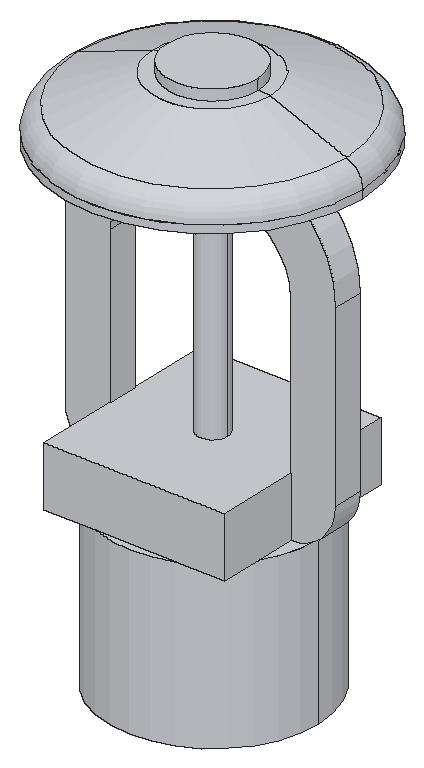
Revit family
Parameters (values of type "RASCO F1FR56 UPRIGHT")
  URL = ""
  Temperature Rating = 175 °F
  Response = 1
  RASCO SIN # = "RA1425"
  RASCO Part # = "F1FR56U5B"
  Pressure Rating = "175 PSI"
  Pressure Class = (empty or 0)
  Orifice Size = 1/2"
  Orifice = (empty or 0)
  Model = "F1FR56"
  Manufacturer = "RASCO"
  K-Factor = 5.6
  Description = "Brz. Finish"
  Coverage = (empty or 0)
Reference planes (in)
  plane 1 "Center (Front/Back)": y = 0
  plane 2: z = 0
  plane 3 "Center (Left/Right)": x = 0
Nested families (in)
  nested 1: "F1FR56U5B" at (0.00566, 0.192, 0), type "RASCO F1FR56 UPRIGHT"
Connectors (in)
  piping at (0.00566, 0.192, 0)
    settings: on nested 1, index 1, connector radius 115/256", flow factor 0, pipe flow 0 GPM, pressure drop 0.00 psi, fitting loss kfactor 0, connector angle 0.00°, fixture units 0, flow configuration 0, flow direction 0, fitting loss method 0, system type 7, connector reference index -1, connector utility 0, adjustable connector no, is connector primary yes, fitting loss table "", connector description ""
Definition of nested family "F1FR56U5B"
  Parameters (values of type "RASCO F1FR56 UPRIGHT")
    Type Comments = ""
    Temperature Rating = 0 °F
    Response = (empty or 0)
    Pressure Rating = "0"
    Pressure Class = (empty or 0)
    Orifice Size = 0"
    Orifice = (empty or 0)
    Model = ""
    Manufacturer = ""
    K-Factor = 0
    Description = ""
    Coverage = (empty or 0)
    Assembly Code = ""
  Reference planes (in)
    plane 1 "Center (Front/Back)": y = 0
    plane 2: z = 0
    plane 3 "ref.2": z = 0.6875
    plane 4 "ref.3": z = 0.9375
    plane 5: x = -0.38065
    plane 6: x = 0.36935
    plane 7 "ref. side 1": y = 0.06402
    plane 8 "ref. side 2": y = -0.06098
    plane 9 "ref.4": z = 1.875
    plane 10 "ref.5": z = 2.3125
    plane 11 "ref.6": z = 2.4375
  Forms (in)
    Extrusion 1, solid
      sketch origin (0, 0, 0) x (1, 0, 0) y (0, 1, 0)
        loop
          circle (0, 0) r 0.4375
      from 0 to 0.6875
    Extrusion 2, solid
      sketch origin (-0.12185, 0.05177, 0.6875) x (1, 0, 0) y (0, 1, 0)
        loop
          line (-0.2588, 0.356) -> (-0.2588, -0.4565) -> (0.4912, -0.4565) -> (0.4912, 0.356) -> (-0.2588, 0.356)
      from 0 to 0.25
    Extrusion 3, solid
      sketch origin (0, 0, 0) x (1, 0, 0) y (0, 0, 1)
        loop
          line (-0.38065, 0.68754) -> (-0.38065, 1.58397)
          arc (-0.38065, 1.58397) -> (-0.29541, 1.78976) -> (-0.08962, 1.875) r 0.29103
          line (-0.08962, 1.875) -> (0.07524, 1.875)
          arc (0.07524, 1.875) -> (0.28321, 1.78886) -> (0.36935, 1.58089) r 0.29411
          line (0.36935, 1.58089) -> (0.36935, 0.68751)
          arc (0.36935, 0.68751) -> (0.50207, 0.74393) -> (0.55685, 0.87734) r 0.18984
          line (0.55685, 0.87734) -> (0.55685, 1.61676)
          arc (0.55685, 1.61676) -> (0.42629, 1.93194) -> (0.11111, 2.0625) r 0.44574
          line (0.11111, 2.0625) -> (-0.12259, 2.0625)
          arc (-0.12259, 2.0625) -> (-0.43765, 1.932) -> (-0.56815, 1.61694) r 0.44556
          line (-0.56815, 1.61694) -> (-0.56815, 0.87876)
          arc (-0.56815, 0.87876) -> (-0.51345, 0.74486) -> (-0.38065, 0.68754) r 0.19126
      from -0.06402 to 0.06098
    Extrusion 4, solid
      sketch origin (0, 0, 0.9375) x (-1, 0, 0) y (0, -1, 0)
        loop
          circle (0.00574, -0.00152) r 0.0625
      from 0 to 0.9375
    Extrusion 5, solid
      sketch origin (0, 0, 1.875) x (-1, 0, 0) y (0, -1, 0)
        loop
          circle (0.00574, -0.00152) r 0.1875
      from 0 to 0.4375
    Revolve 6, solid
      sketch origin (0, 0, -0.31276) x (1, 0, 0) y (0, 0, 1)
        loop
          line (-0.19324, 2.33367) -> (-0.19324, 2.58367) -> (-0.24995, 2.58367) -> (-0.56395, 2.46314)
          arc (-0.56395, 2.46314) -> (-0.61243, 2.42492) -> (-0.63074, 2.36595) r 0.1041
          line (-0.63074, 2.36595) -> (-0.63074, 2.33367) -> (-0.19324, 2.33367)
        axis (-0.00574, 2.33367) -> (-0.00574, 2.58367)
      angle from 0 to 360
  Cuts and joins
    joined: Extrusion 1, Extrusion 2, Extrusion 4, Revolve 6
  Lines and regions (in)
    model lines
      curve 1: line (-0.00574, 0.06402, 1.875) -> (-0.00574, -0.06098, 1.875)
